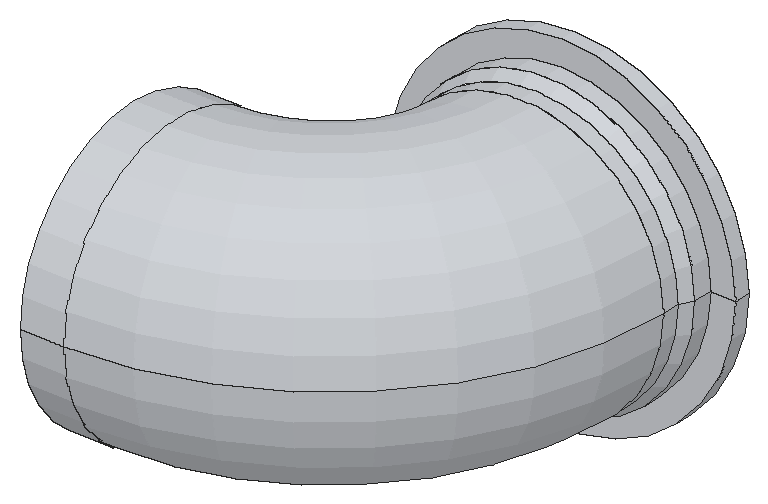
Revit family "7ddff79abcb5456aa6125d9b106dbab7", category Pipe Fittings, Revit 2021
Family settings
  Round Connector Dimension = Use Radius
  Part Type = Elbow
  OmniClass Number = 23.60.30.11.14
  OmniClass Title = Pipework Fittings
  Seek Item ID = Elbow - Threaded - MI - Class 300-0000-USA-ENU
  Work Plane-Based = No
  Always vertical = Yes
  Cut with Voids When Loaded = No
  Shared = No
Parameters (values of type "Standard")
  Tick Size [instance] = Fitting Outside Diameter * 0.4  # 12.8000"
  Socket Outside Radius [instance] = Socket Outside Diameter / 2  # 16.7500"
  Socket Outside Diameter [instance] = size_lookup(Lookup Table Name, "SOD", 1.08 * Nominal Diameter + 1.1200", Nominal Diameter)  # 33.5000"
  Socket Depth [instance] = if(Nominal Diameter < 14.0000", 2.5000", if(Nominal Diameter < 30.0000", 3.5000", 4.0000"))  # 4.0000"
  Lookup Table Name = "Bend - MJ x PE - DI - Class 250"
  Length 5 [instance] = Length 4 + Bevel Length + Socket Depth  # 7.5000"
  Length 4 [instance] = Center to Socket Bottom 1 - Bevel Length - Length 1  # 2.0000"
  Length 3 [instance] = sin(Angle) * (Center to Socket Bottom 1 + Socket Depth)  # 29.0000"
  Length 2 [instance] = cos(Angle) * (Center to Socket Bottom 1 + Socket Depth)  # 0.0000"
  Length 1 [instance] = tan(Angle / 2) * Center Radius  # 21.5000"
  Fitting Outside Radius [instance] = Fitting Outside Diameter / 2  # 16.0000"
  Fitting Outside Diameter [instance] = size_lookup(Lookup Table Name, "FOD", 1.04 * Nominal Diameter + 0.7000", Nominal Diameter)  # 32.0000"
  Nominal Radius [instance] = 15.0000"
  Nominal Diameter [instance] = Nominal Radius * 2  # 30.0000"
  Loss Method = K Coefficient from Table
  K Coefficient Table = "Long Radius Elbow"
  Default Elevation = 0.0000"
  Bevel Length [instance] = size_lookup(Lookup Table Name, "BvLgt", 0.04 * Nominal Diameter + 0.4300", Nominal Diameter)  # 1.5000"
  Center to Socket Bottom 2 [instance] = size_lookup(Lookup Table Name, "CtSB2", Center Radius + 2.0000", Nominal Diameter, Angle)  # 26.3700"
  Center to Socket Bottom 1 [instance] = size_lookup(Lookup Table Name, "CtSB1", Center to Socket Bottom 1 Not Found, Nominal Diameter, Angle)  # 25.0000"
  Center to Socket Bottom 1 Not Found [instance] = tan(Angle / 2) * Center Radius + Bevel Length + Socket Depth  # 27.0000"
  Center Radius [instance] = size_lookup(Lookup Table Name, "CRad", 0.79 * Nominal Diameter + (sin(Angle) * 3.8100"), Nominal Diameter, Angle)  # 21.5000"
  Gland Width [instance] = size_lookup(Lookup Table Name, "GWid", 0.03 * Nominal Diameter + 0.9400", Nominal Diameter)  # 1.8100"
  Gland Outside Radius [instance] = Gland Outside Diameter / 2  # 19.5600"
  Gland Outside Diameter [instance] = size_lookup(Lookup Table Name, "GOD", 1.16 * Nominal Diameter + 4.0300", Nominal Diameter)  # 39.1200"
  Assembly Code = ""
  Angle [instance] = 90.00°
Reference planes (in)
  plane 1 "Center (Front/Back)": y = 0
  plane 2: z = 0
  plane 3 "Center (Left/Right)": x = 0
  plane 4: x = -21.5
  plane 5: y = 21.5
  plane 6: y = 12.8
  plane 7: y = -12.8
  plane 8: x = 0
  plane 9: y = 29
  plane 10: x = -26.37
Forms (in)
  Sweep 1, solid, detail levels fine
    path in 3D
      loop
        arc (-21.5, 0, 0) -> (-6.2972, 6.2972, 0) -> (0, 21.5, 0) r 21.5
    profile origin (-6.2972, 6.2972, 0) x (-0.707107, 0.707107, 0) y (0, 0, 1)
      loop
        circle (0, 0) r 16
  Revolve 2, solid, detail levels fine
    sketch origin (0, 29, 0) x (0, -1, 0) y (1, 0, 0)
      loop
        line (0, 0) -> (0, -19.56) -> (1.81, -19.56) -> (1.81, -16.75) -> (4, -16.75) -> (5.5, -16) -> (7.5, -16) -> (7.5, 0) -> (0, 0)
      axis (0, 0) -> (7.5, 0)
    angle from 0 to 360
  Extrusion 3, solid, detail levels fine
    sketch origin (0, 0, 0) x (0, 1, 0) y (0, 0, 1)
      loop
        circle (0, 0) r 16
    from -26.37 to -21.5
Cuts and joins
  joined: Sweep 1, Revolve 2, Extrusion 3
Lines and regions (in)
  model lines, style "PipeFitting", detail levels coarse+medium
    curve 1: line (-26.37, 0, 0) -> (-21.5, 0, 0)
    curve 2: arc (-21.5, 0, 0) -> (-6.2972, 6.2972, 0) -> (0, 21.5, 0) r 21.5
    curve 3: line (0, 21.5, 0) -> (0, 29, 0)
  sketch lines
    curve 4: arc (-21.5, 0, 0) -> (-6.2972, 6.2972, 0) -> (0, 21.5, 0) r 21.5
  model lines, detail levels coarse+medium
    curve 5: line (-26.37, 0, 0) -> (-26.37, 12.8, 0)
    curve 6: line (-26.37, 0, 0) -> (-26.37, -12.8, 0)
    curve 7: line (0, 29, 0) -> (-12.8, 29, 0)
    curve 8: line (0, 29, 0) -> (12.8, 29, 0)
  reference lines, not visible
    curve 9: line (0, 29, 0) -> (0, 21.68528, 0)
Dimensions and locks (in)
  "Center Radius": plane 5 to plane 1 "Center (Front/Back)"
  "Tick Size": plane 6 to plane 1 "Center (Front/Back)"
  "Tick Size": plane 7 to plane 1 "Center (Front/Back)"
  "Tick Size": curve 7 to curve 7
  "Tick Size": curve 8 to curve 8
  "Socket Outside Radius": Revolve 2 sketch curve to Revolve 2 sketch curve
  "Gland Width": Revolve 2 sketch curve to Revolve 2 sketch curve
  "Fitting Outside Radius": Revolve 2 sketch curve to Revolve 2 sketch curve
  "Gland Outside Radius": Revolve 2 sketch curve to Revolve 2 sketch curve
  "Socket Depth": Revolve 2 sketch curve to Revolve 2 sketch curve
  "Length 1": plane 4 to plane 3 "Center (Left/Right)"
  "Length 3": plane 9 to plane 1 "Center (Front/Back)"
  "Center to Socket Bottom 2": plane 10 to plane 3 "Center (Left/Right)"
  "Length 2": plane 3 "Center (Left/Right)" to plane 8
  "Length 5": Revolve 2 sketch curve to Revolve 2 sketch curve
  "Length 4": Revolve 2 sketch curve to Revolve 2 sketch curve
  "Center Radius": radius of curve 2
  "Fitting Outside Radius": radius of Sweep 1 sketch curve
  "Fitting Outside Radius": radius of Extrusion 3 sketch curve
  "Angle": angle curve 2 to curve 2
  "Angle": angle plane 1 "Center (Front/Back)" to curve 3
  locked: curve 8 to curve 3 (angle 90.00°)
  locked: curve 3 to curve 7 (angle 90.00°)
  "Angle": angle plane 9 to curve 9
  aligned and locked: plane 4 to curve 2
  aligned and locked: plane 6 to curve 5
  aligned and locked: plane 1 "Center (Front/Back)" to curve 6
  aligned and locked: plane 7 to curve 6
  aligned and locked: plane 8 to curve 9
  aligned and locked: plane 9 to curve 9
  aligned and locked: Revolve 2 sketch curve to curve 9
  aligned and locked: curve 6 to plane 10
  aligned and locked: plane 1 "Center (Front/Back)" to Extrusion 3 sketch curve
  aligned and locked: plane 2 to Extrusion 3 sketch curve
  aligned and locked: Extrusion 3 to plane 10
  aligned and locked: plane 4 to Extrusion 3
Automatic sketch dimensions
  Sweep 1 sketch curve to profile plane = 0.0000"  (x2)
  curve 3 to plane 9 = 0.0000"
  Revolve 2 sketch curve to curve 9 = 0.0000"  (x2)
  Revolve 2 sketch curve to Revolve 2 sketch curve = 1.0000"
  Revolve 2 sketch curve to Revolve 2 sketch curve = 0.78127"
Connectors (in)
  piping at (-26.37, 0, 0), diameter 30, driven by "Nominal Radius", driven by "Angle"
    settings: on Extrusion 3, index 1, connector inside diameter 30.0000", connector length 0.0000", flow factor 0, pipe flow 0 GPM, pressure drop 0.00 psi, fitting loss kfactor 0, connector angle 90.00°, fixture units 0, engagement length 0.0000", angle of deflection 0.00°, flow configuration 0, flow direction 0, fitting loss method 0, system type 28, joint type 0, gender type 0, connector reference index 2, connector utility 0, adjustable connector no, is connector primary yes, connector description ""
  piping at (0, 29, 0), diameter 30, driven by "Nominal Radius", driven by "Angle"
    settings: on cut or joined group of Sweep 1, Revolve 2, Extrusion 3, index 2, connector inside diameter 30.0000", connector length 0.0000", flow factor 0, pipe flow 0 GPM, pressure drop 0.00 psi, fitting loss kfactor 0, connector angle 90.00°, fixture units 0, engagement length 0.0000", angle of deflection 0.00°, flow configuration 0, flow direction 0, fitting loss method 0, system type 28, joint type 0, gender type 0, connector reference index 1, connector utility 0, adjustable connector no, is connector primary no, connector description ""
